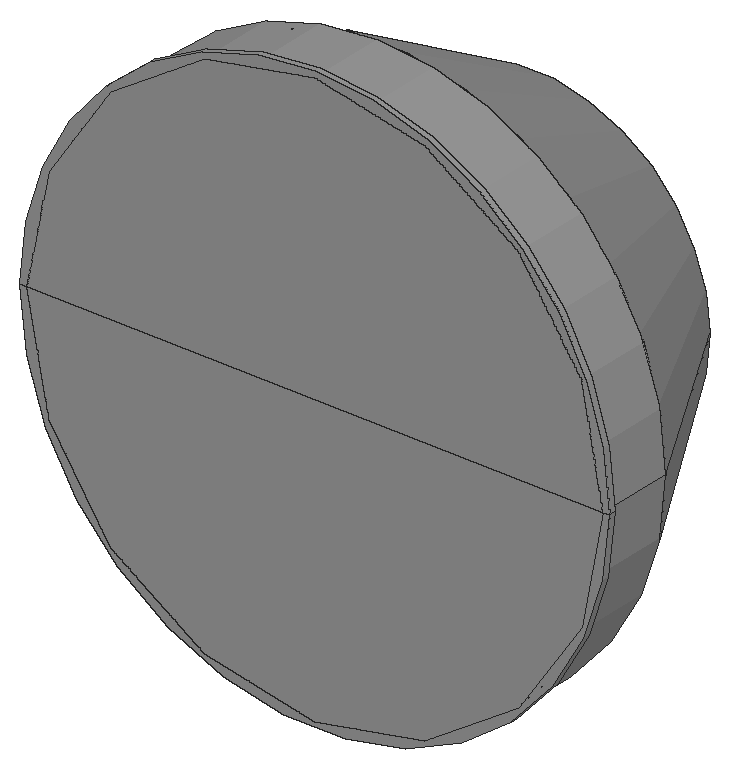
Revit family "Dachleitungshalter", category Generic Models, Revit 2017
Family settings
  Can host rebar = No
  Round Connector Dimension = Use Diameter
  Part Type = Normal
  Work Plane-Based = No
  Always vertical = Yes
  Cut with Voids When Loaded = No
  Shared = No
  Room Calculation Point = No
Parameters (values of type "165 KR")
  URL = "http://www.obo-bettermann.com"
  Material = Polyethylene
  Manufacturer Art.No. = "5218861"
  Manufacturer = "OBO BETTERMANN"
  GTIN = "4012195409038"
  Article Type = "165 KR"
Reference planes
  plane 1 "Center (Front/Back)": y = 0
  plane 2: z = 0
  plane 3 "Center (Left/Right)": x = 0
  plane 4: x = -71.5
  plane 5: x = 71.5
  plane 6: y = 66.5
  plane 7: y = 84.5
  plane 8: y = 82
  plane 9: x = -2.5
  plane 10: x = 2.5
  plane 11: y = 75.5
  plane 12: x = -3.943
  plane 13: y = 67.5
  plane 14: x = -8.5
  plane 15: x = 8.5
  plane 16: x = -2.5
  plane 17: x = 2.5
  plane 18: y = 84.5
  plane 19: y = 75.5
  plane 20: y = 82
  plane 21: y = 82
  plane 22: y = 82
  plane 23: y = 75.5
  plane 24: y = 82.106
  plane 25: x = -4.05
  plane 26: y = 79.55
  plane 27: y = 71.45
  plane 28: y = 75.5
  plane 29: y = 82.106
  plane 30: x = 4.05
  plane 31: y = 79.55
  plane 32: y = 71.45
Forms (mm)
  Revolve 1, solid, material "Polyethylene" <- "Material"
    sketch origin (0, 0, 0) x (1, 0, 0) y (0, 1, 0)
      loop
        line (-71.5, 0) -> (-69.988, 0) -> (0, 0) -> (0, 1.5) -> (-1.5, 1.5) -> (-2.5, 1.5) -> (-68.488, 1.5) -> (-68.488, 18.561) -> (-41.676, 65) -> (-8.954, 65) -> (-1.5, 65) -> (0, 65) -> (0, 66.5) -> (-8.472, 66.5) -> (-42.542, 66.5) -> (-69.988, 18.963) -> (-69.988, 1.5) -> (-71.5, 1.5) -> (-71.5, 0)
      axis (0, 66.5) -> (0, 0)
    angle from 0 to 360
  Revolve 2, solid, material "Polyethylene" <- "Material"
    sketch origin (0, 0, 0) x (1, 0, 0) y (0, 1, 0)
      loop
        line (-8.5, 84.5) -> (-8.5, 66.5) -> (0, 66.5) -> (0, 84.5) -> (-8.5, 84.5)
      axis (0, 84.5) -> (0, 66.5)
    angle from 0 to 360
  Extrusion 3, void
    sketch origin (0, 0, 0) x (1, 0, 0) y (0, 0, 1)
      loop
        line (2.487, 12.04) -> (-2.5, 12.04) -> (-2.5, -8.939) -> (2.487, -8.939) -> (2.487, 12.04)
    from -66.5 to -84.5
  Extrusion 4, solid, material "Polyethylene" <- "Material"
    sketch origin (0, 0, 0) x (1, 0, 0) y (0, 1, 0)
      loop
        line (8.5, 82.106) -> (8.5, 66.5) -> (17.51, 66.5) -> (8.5, 82.106)
    from 0.883 to -0.86
  Extrusion 5, solid, material "Polyethylene" <- "Material"
    sketch origin (0, 0, 0) x (-1, 0, 0) y (0, -1, 0)
      loop
        line (8.5, -82.106) -> (17.51, -66.5) -> (8.5, -66.5) -> (8.5, -82.106)
    from 0.883 to -0.86
  Extrusion 6, void
    sketch origin (0, 0, 0) x (1, 0, 0) y (0, 1, 0)
      loop
        arc (-2.5, 78.686) -> (-4.05, 75.5) -> (-2.5, 72.314) r 4.05
        line (-2.5, 72.314) -> (-2.5, 78.686)
      loop
        line (-2.5, 82.106) -> (-2.5, 84.5) -> (-3.882, 84.5) -> (-2.5, 82.106)
    from 12.04 to -8.939
  Extrusion 7, void
    sketch origin (0, 0, 0) x (-1, 0, 0) y (0, -1, 0)
      loop
        line (-2.5, -78.686) -> (-2.5, -72.314)
        arc (-2.5, -72.314) -> (-4.05, -75.5) -> (-2.5, -78.686) r 4.05
      loop
        line (-2.5, -82.106) -> (-3.882, -84.5) -> (-2.5, -84.5) -> (-2.5, -82.106)
    from 12.04 to -8.939
Cuts and joins
  Extrusion 3 cuts Revolve 1
  Extrusion 3, Extrusion 6, Extrusion 7 cuts Revolve 2
Dimensions and locks
  locked: plane 4 to plane 3 "Center (Left/Right)" at 71.5
  locked: plane 3 "Center (Left/Right)" to plane 5 at 71.5
  locked: plane 1 "Center (Front/Back)" to plane 6 at 66.5
  locked: plane 1 "Center (Front/Back)" to plane 7 at 84.5
  locked: plane 3 "Center (Left/Right)" to plane 10 at 2.5
  locked: plane 9 to plane 3 "Center (Left/Right)" at 2.5
  locked: plane 7 to plane 11 at 9
  locked: plane 7 to plane 13 at 17
  locked: Revolve 1 sketch curve to Revolve 1 sketch curve at 1.5  (x2)
  locked: Revolve 1 sketch curve to Revolve 1 sketch curve at 3.012
  locked: plane 14 to plane 15 at 17
  locked: Revolve 1 to plane 18 at 84.5
  locked: plane 18 to plane 19 at 9
  locked: plane 21 to cut or joined group of Revolve 2, Extrusion 3, Extrusion 6, Extrusion 7 at 2.5
  locked: cut or joined group of Revolve 1, Extrusion 3 to Extrusion 4 sketch curve at 15.606
  locked: Extrusion 4 sketch curve to Extrusion 4 sketch curve at 9.01
  locked: Extrusion 4 to Extrusion 4 at 1.744
  locked: Extrusion 4 to Extrusion 4 at 9.01
  locked: Extrusion 5 sketch curve to Extrusion 5 sketch curve at 9.01
  locked: Extrusion 5 to Extrusion 5 at 1.744
  locked: Extrusion 3 sketch curve to plane 3 "Center (Left/Right)" at 2.487
  locked: plane 3 "Center (Left/Right)" to Extrusion 3 sketch curve at 2.5
  locked: plane 23 to cut or joined group of Revolve 2, Extrusion 3, Extrusion 6, Extrusion 7 at 9
  locked: plane 25 to plane 3 "Center (Left/Right)" at 4.05
  locked: plane 6 to Revolve 1 sketch curve (angle 60.00°)
  locked: Extrusion 4 sketch curve to Extrusion 4 sketch curve (angle 30.00°)
  locked: Extrusion 5 sketch curve to Extrusion 5 sketch curve (angle 30.00°)
  locked: cut or joined group of Revolve 2, Extrusion 3, Extrusion 6, Extrusion 7 to Extrusion 6 sketch curve (angle 30.00°)
  aligned and locked: level to plane 2
  aligned and locked: Revolve 1 sketch curve to plane 6  (x2)
  aligned and locked: Revolve 1 sketch curve to plane 3 "Center (Left/Right)"  (x2)
  aligned and locked: Revolve 1 sketch curve to plane 4
  aligned and locked: Revolve 1 sketch curve to Revolve 1 sketch curve
  aligned and locked: Revolve 2 sketch curve to plane 3 "Center (Left/Right)"
  aligned and locked: Revolve 1 to Extrusion 3
  aligned and locked: Extrusion 3 to cut or joined group of Revolve 2, Extrusion 3, Extrusion 6, Extrusion 7
  aligned and locked: Extrusion 4 sketch curve to cut or joined group of Revolve 1, Extrusion 3
  aligned and locked: plane 24 to Extrusion 5
  aligned and locked: Extrusion 3 to Extrusion 6
  aligned and locked: Extrusion 6 to Extrusion 3
Automatic sketch dimensions
  plane 1 "Center (Front/Back)" to Revolve 1 sketch curve = 0 mm
  Revolve 1 sketch curve to plane 9 = 0 mm
  Revolve 1 sketch curve to plane 3 "Center (Left/Right)" = 0 mm
  plane 4 to Revolve 1 sketch curve = 1.512 mm
  Revolve 1 sketch curve to Revolve 1 sketch curve = 0 mm
  Revolve 1 sketch curve to plane 3 "Center (Left/Right)" = 42.542 mm
  Revolve 1 sketch curve to plane 12 = 5.01 mm
  Revolve 1 sketch curve to Revolve 1 sketch curve = 0.481 mm
  plane 9 to Revolve 1 sketch curve = 1 mm  (x2)
  Revolve 1 sketch curve to plane 1 "Center (Front/Back)" = 1.5 mm
  plane 7 to Revolve 1 sketch curve = 5.57 mm
  Revolve 1 sketch curve to Revolve 1 sketch curve = 6.95 mm
  Revolve 2 sketch curve to plane 14 = 0 mm
  Revolve 2 sketch curve to plane 3 "Center (Left/Right)" = 0 mm
  Revolve 2 sketch curve to plane 18 = 0 mm
  Revolve 2 sketch curve to plane 19 = 9 mm
  Revolve 2 sketch curve to Revolve 2 sketch curve = 12.466 mm
  Revolve 2 sketch curve to Revolve 2 sketch curve = 25 mm
  Extrusion 3 sketch curve to level = 8.939 mm
  level to Extrusion 3 sketch curve = 12.04 mm
  plane 3 "Center (Left/Right)" to Extrusion 4 sketch curve = 8.5 mm
  Extrusion 5 sketch curve to plane 22 = 0.106 mm
  plane 3 "Center (Left/Right)" to Extrusion 5 sketch curve = 8.5 mm
  Extrusion 6 sketch curve to plane 24 = 0 mm
  Extrusion 6 sketch curve to plane 3 "Center (Left/Right)" = 0 mm
  Extrusion 6 sketch curve to plane 23 = 0 mm
  plane 25 to Extrusion 6 sketch curve = 1.55 mm  (x2)
  plane 25 to Extrusion 6 sketch curve = 0.168 mm
  plane 27 to Extrusion 6 sketch curve = 0.864 mm
  Extrusion 7 sketch curve to plane 29 = 0 mm
  Extrusion 7 sketch curve to plane 3 "Center (Left/Right)" = 0 mm
  Extrusion 7 sketch curve to plane 28 = 0 mm
  Extrusion 7 sketch curve to plane 30 = 1.55 mm  (x2)
  Extrusion 7 sketch curve to plane 30 = 0.168 mm
  Extrusion 7 sketch curve to plane 32 = 0.864 mm
  Extrusion 7 sketch curve to Extrusion 7 sketch curve = 2.394 mm
